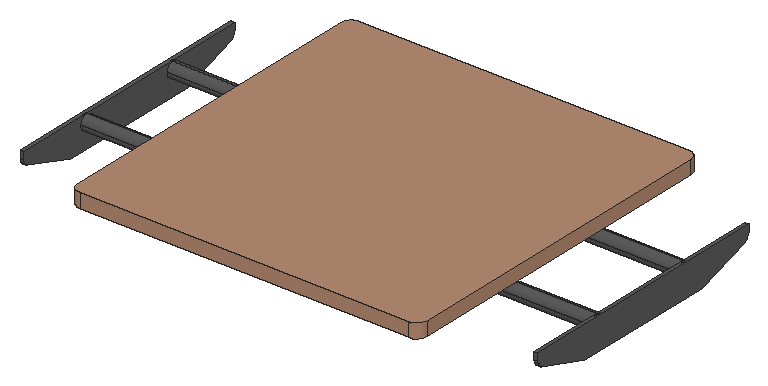
Revit family "FU_Bench_Sandler_Plania_PL91802", category Furniture, Revit 2020
Family settings
  OmniClass Number = 23.40.20.00
  OmniClass Title = General Furniture and Specialties
  Work Plane-Based = No
  Always vertical = Yes
  Cut with Voids When Loaded = No
  Shared = No
  Room Calculation Point = No
Parameters (values of type "PL91802")
  Width = 710 mm
  URL = "https://www.sandlerseating.com/product/pl91802/"
  Type Comments = "Plania connecting Top (2 ways 180°)"
  Top Finish = Wood - Oak - Walnut
  Model = "PL91802"
  Manufacturer = "Sandler"
  Frame Finish = Epoxy - M1_B00 - Black
  Elevation = 420 mm
  Depth = 480 mm
  Default Elevation = 0 mm
Reference planes
  plane 1 "Center (Front/Back)": y = 0
  plane 2: z = 0
  plane 3 "Center (Left/Right)": x = 0
  plane 4 "Right": x = -355
  plane 5 "Left": x = 355
  plane 6 "Back": y = 240
  plane 7 "Front": y = -240
  plane 8 "Elevation": z = 420
  plane 9 "Top Thickness": z = 401
Forms (mm)
  Extrusion 1, solid, material "Epoxy - M1_B00 - Black" <- "Frame Finish"
    sketch origin (-350, -150.838, 209) x (0, 1, 0) y (0, 0, -1)
      loop
        line (-29.598, -192) -> (331.273, -192) -> (331.273, -181.809)
        arc (331.273, -181.809) -> (329.389, -175.967) -> (324.446, -172.326) r 10
        line (324.446, -172.326) -> (250.733, -147.662) -> (50.943, -147.662) -> (-22.771, -172.326)
        arc (-22.771, -172.326) -> (-27.714, -175.967) -> (-29.598, -181.809) r 10
        line (-29.598, -181.809) -> (-29.598, -192)
    from 0 to 5
  Sweep 2, solid, material "Epoxy - M1_B00 - Black" <- "Frame Finish"
    path origin (0, 0, 401) x (-1, 0, 0) y (0, -1, 0)
      loop
        line (350.774, -74) -> (-351.5, -74)
    profile "Pro_Circles : 20mm" origin (0.363, 74, 401) x (0, 1, 0) y (0, 0, 1)
      loop
        arc (-9.967, -9.933) -> (-7.115, -17.02) -> (-0.067, -19.967) r 9.901
        arc (-0.067, -19.967) -> (7.068, -17.068) -> (9.967, -9.933) r 9.901
        arc (9.967, -9.933) -> (7.02, -2.885) -> (-0.067, -0.033) r 9.901
        arc (-0.067, -0.033) -> (-7.067, -2.933) -> (-9.967, -9.933) r 9.9
  Extrusion 3, solid, material "Wood - Oak - Walnut" <- "Top Finish"
    sketch origin (0, 0, 401) x (-1, 0, 0) y (0, -1, 0)
      loop
        arc (225, -240) -> (235.607, -235.607) -> (240, -225) r 15
        line (240, -225) -> (240, 225)
        arc (240, 225) -> (235.607, 235.607) -> (225, 240) r 15
        line (225, 240) -> (-225, 240)
        arc (-225, 240) -> (-235.607, 235.607) -> (-240, 225) r 15
        line (-240, 225) -> (-240, -225)
        arc (-240, -225) -> (-235.607, -235.607) -> (-225, -240) r 15
        line (-225, -240) -> (225, -240)
    from 0 to 19
  Sweep 4, solid, material "Epoxy - M1_B00 - Black" <- "Frame Finish"
    path origin (0, 0, 401) x (-1, 0, 0) y (0, -1, 0)
      loop
        line (350.774, 74) -> (-351.5, 74)
    profile "Pro_Circles : 20mm" origin (0.363, -74, 401) x (0, 1, 0) y (0, 0, 1)
      loop
        arc (9.967, -9.933) -> (7.067, -2.933) -> (0.067, -0.033) r 9.9
        arc (0.067, -0.033) -> (-7.02, -2.885) -> (-9.967, -9.933) r 9.901
        arc (-9.967, -9.933) -> (-7.068, -17.068) -> (0.067, -19.967) r 9.901
        arc (0.067, -19.967) -> (7.115, -17.02) -> (9.967, -9.933) r 9.901
  Extrusion 5, solid, material "Epoxy - M1_B00 - Black" <- "Frame Finish"
    sketch origin (350, -150.838, 209) x (0, 1, 0) y (0, 0, 1)
      loop
        line (-29.598, 192) -> (-29.598, 181.809)
        arc (-29.598, 181.809) -> (-27.714, 175.967) -> (-22.771, 172.326) r 10
        line (-22.771, 172.326) -> (50.943, 147.662) -> (250.733, 147.662) -> (324.446, 172.326)
        arc (324.446, 172.326) -> (329.389, 175.967) -> (331.273, 181.809) r 10
        line (331.273, 181.809) -> (331.273, 192) -> (-29.598, 192)
    from 0 to 5
Dimensions and locks
  equal spacing: plane 4 "Right", plane 3 "Center (Left/Right)", plane 5 "Left"
  "Width": plane 4 "Right" to plane 5 "Left"
  equal spacing: plane 6 "Back", plane 1 "Center (Front/Back)", plane 7 "Front"
  "Depth": plane 6 "Back" to plane 7 "Front"
  "Elevation": plane 8 "Elevation" to level
  plane 9 "Top Thickness" to level = 401 mm
  plane 8 "Elevation" to plane 9 "Top Thickness" = 19 mm
  aligned and locked: level to plane 2
Automatic sketch dimensions
  Extrusion 1 sketch curve to plane 9 "Top Thickness" = 0 mm
  plane 7 "Front" to Extrusion 1 sketch curve = 59.564 mm
  Extrusion 1 sketch curve to plane 9 "Top Thickness" = 19.674 mm  (x2)
  Extrusion 1 sketch curve to Extrusion 1 sketch curve = 6.827 mm
  Extrusion 1 sketch curve to Extrusion 1 sketch curve = 10 mm
  Extrusion 1 sketch curve to plane 9 "Top Thickness" = 44.338 mm
  Extrusion 1 sketch curve to Extrusion 1 sketch curve = 73.714 mm
  Extrusion 1 sketch curve to plane 1 "Center (Front/Back)" = 99.895 mm
  Extrusion 1 sketch curve to plane 9 "Top Thickness" = 10.191 mm
  Extrusion 1 sketch curve to plane 6 "Back" = 69.564 mm
  Extrusion 1 sketch curve to Extrusion 1 sketch curve = 3.173 mm
  plane 5 "Left" to Sweep 2 sketch curve = 3.5 mm
  Sweep 2 sketch curve to plane 1 "Center (Front/Back)" = 74 mm
  Sweep 2 sketch curve to plane 4 "Right" = 4.226 mm
  Extrusion 3 sketch curve to plane 6 "Back" = 0 mm
  Extrusion 3 sketch curve to plane 7 "Front" = 0 mm
  plane 7 "Front" to Extrusion 3 sketch curve = 15 mm
  plane 5 "Left" to Extrusion 3 sketch curve = 115 mm
  Extrusion 3 sketch curve to Extrusion 3 sketch curve = 15 mm
  Extrusion 3 sketch curve to plane 4 "Right" = 130 mm  (x2)
  Extrusion 3 sketch curve to plane 6 "Back" = 15 mm
  plane 5 "Left" to Sweep 4 sketch curve = 3.5 mm
  plane 1 "Center (Front/Back)" to Sweep 4 sketch curve = 74 mm
  Sweep 4 sketch curve to plane 4 "Right" = 4.226 mm
  Extrusion 5 sketch curve to plane 9 "Top Thickness" = 0 mm
  plane 7 "Front" to Extrusion 5 sketch curve = 59.564 mm
  Extrusion 5 sketch curve to plane 9 "Top Thickness" = 19.674 mm  (x2)
  Extrusion 5 sketch curve to Extrusion 5 sketch curve = 6.827 mm
  Extrusion 5 sketch curve to Extrusion 5 sketch curve = 10 mm
  Extrusion 5 sketch curve to plane 9 "Top Thickness" = 44.338 mm
  Extrusion 5 sketch curve to Extrusion 5 sketch curve = 73.714 mm
  Extrusion 5 sketch curve to plane 1 "Center (Front/Back)" = 99.895 mm
  Extrusion 5 sketch curve to plane 9 "Top Thickness" = 10.191 mm
  Extrusion 5 sketch curve to plane 6 "Back" = 69.564 mm
  Extrusion 5 sketch curve to Extrusion 5 sketch curve = 3.173 mm
